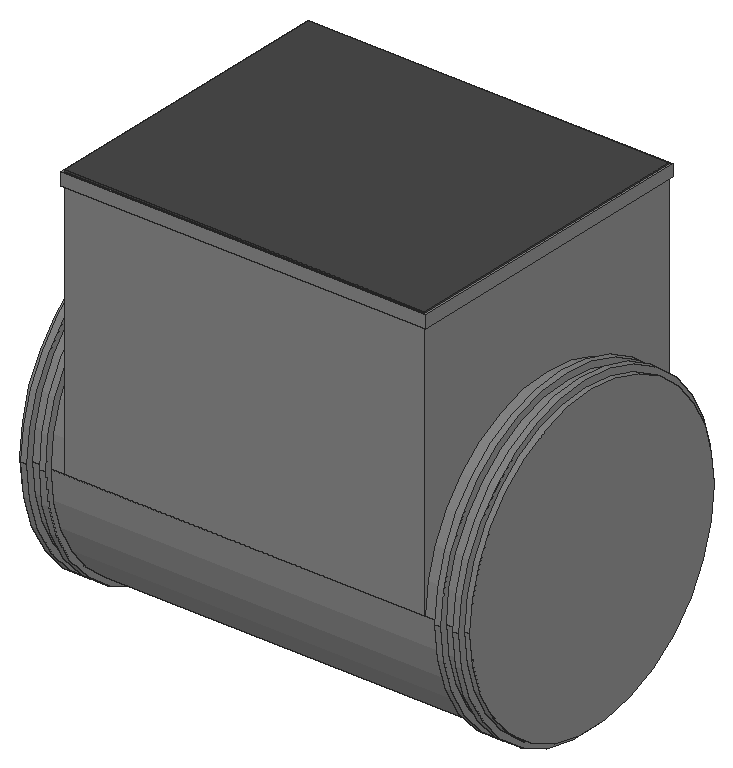
Revit family "НЕВАТОМ_Нaгреватель NEK, Версия 2 ", category Оборудование, Revit 2017
Family settings
  Размер круглого соединителя = Использовать диаметр
  Тип детали = Вставляется
  На основе рабочей плоскости = Нет
  Всегда вертикально = Да
  При загрузке вырезать с полостями = Нет
  Общий = Нет
  Точка расчета площади = Нет
Parameters (values of type "NEK")
  ТП = "nek"
  НЕВАТОМ_Минимальный расход воздуха [instance] = 264.9 m³/h
  Материал = Сталь серая
  Крышка = СВМПЭ, черный
  Ключевая пометка = "Вентиляция"
  b [instance] = 37 mm  # constant formula
  Nevatom_URL = "https://t.me/NEVATOM_Bim_bot"
  D [instance] = size_lookup(ТП, "D", 0 mm, НЕВАТОМ_Минимальный расход воздуха, ADSK_Номинальная мощность)  # 254 mm
  C [instance] = size_lookup(ТП, "C", 0 mm, НЕВАТОМ_Минимальный расход воздуха, ADSK_Номинальная мощность)  # 348 mm
  B [instance] = size_lookup(ТП, "B", 0 mm, НЕВАТОМ_Минимальный расход воздуха, ADSK_Номинальная мощность)  # 370 mm
  ADSK_Ток [instance] = size_lookup(ТП, "ADSK_Ток", 0 A, НЕВАТОМ_Минимальный расход воздуха, ADSK_Номинальная мощность)  # 9.6 A
  ADSK_Размер_Ширина [instance] = B  # 370 mm
  ADSK_Размер_Длина [instance] = D  # 254 mm
  ADSK_Размер_Высота [instance] = C  # 348 mm
  ADSK_Примечание = "Подбор через ADSK_Номинальная мощность и НЕВАТОМ_Минимальный расход воздуха"
  ADSK_Полная мощность [instance] = ADSK_Номинальная мощность / ADSK_Коэффициент мощности  # 2.112 kW
  ADSK_Позиция = ""
  ADSK_Номинальная мощность = 2 kW
  ADSK_Напряжение [instance] = size_lookup(ТП, "ADSK_Напряжение", 0 V, НЕВАТОМ_Минимальный расход воздуха, ADSK_Номинальная мощность)  # 220 V
  ADSK_Наименование [instance] = "Нагреватель электрический круглый"  # constant formula
  ADSK_Масса [instance] = size_lookup(ТП, "ADSK_Масса", 0, НЕВАТОМ_Минимальный расход воздуха, ADSK_Номинальная мощность)  # 5.2
  ADSK_Марка [instance] = size_lookup(ТП, "", "нет таких", НЕВАТОМ_Минимальный расход воздуха, ADSK_Номинальная мощность)  # "NEK-250/2"
  ADSK_Коэффициент мощности [instance] = ADSK_Номинальная мощность / (ADSK_Напряжение * ADSK_Количество фаз числовое * ADSK_Ток)  # 0.94697
  ADSK_Количество фаз числовое [instance] = size_lookup(ТП, "ADSK_Количество фаз числовое", 0, НЕВАТОМ_Минимальный расход воздуха, ADSK_Номинальная мощность)  # 1
  ADSK_Количество фаз [instance] = ADSK_Количество фаз числовое  # 1
  ADSK_Количество = 1  # constant formula
  ADSK_Код изделия = ""
  ADSK_Завод-изготовитель = "НЕВАТОМ"  # constant formula
  ADSK_Единица измерения = "шт."  # constant formula
  A [instance] = size_lookup(ТП, "A", 0 mm, НЕВАТОМ_Минимальный расход воздуха, ADSK_Номинальная мощность)  # 250 mm
Reference planes
  plane 1 "По центру (Вперед/Назад)": y = 0
  plane 2: z = 0
  plane 3 "По центру (Влево/Вправо)": x = 0
  plane 4: z = -125
  plane 5: z = 125
  plane 6: z = 223
  plane 7: x = -185
  plane 8: x = 185
  plane 9: x = -148
  plane 10: x = 148
  plane 11: y = 125
  plane 12: y = -125
  plane 13: z = 213
  plane 14: y = 127
  plane 15: y = -127
  plane 16: x = -150
  plane 17: x = 150
  plane 18: z = 224
  plane 19: z = 130
  plane 20: x = -180
  plane 21: x = -175
  plane 22: x = -165
  plane 23: x = -160
  plane 24: x = 180
  plane 25: x = 175
  plane 26: x = 165
  plane 27: x = 160
Forms (mm)
  Extrusion 1, void, not visible
    sketch origin (-345, -245, 50) x (0, -1, 0) y (0, 0, -1)
      loop
        line (-477.965, -475) -> (-477.965, -450) -> (-528.913, -450) -> (-528.913, -475) -> (-477.965, -475)
    from -47.452 to 12
  Extrusion 2, solid, material "Сталь серая" <- "Материал", detail levels medium+fine
    sketch origin (0, 0, 0) x (0, 1, 0) y (0, 0, 1)
      loop
        circle (0, 0) r 125
    from -185 to 185
  Extrusion 3, solid, material "Сталь серая" <- "Материал", detail levels medium+fine
    sketch origin (0, 0, 0) x (0, 1, 0) y (0, 0, 1)
      loop
        line (125, 213) -> (-125, 213) -> (-125, 0) -> (125, 0) -> (125, 213)
    from -148 to 148
  Extrusion 4, solid, material "Сталь серая" <- "Материал", detail levels medium+fine
    sketch origin (0, 0, 0) x (1, 0, 0) y (0, 1, 0)
      loop
        line (-150, 127) -> (-150, -127) -> (150, -127) -> (150, 127) -> (-150, 127)
    from 213 to 223
  Extrusion 5, solid, material "СВМПЭ, черный" <- "Крышка", detail levels medium+fine
    sketch origin (0, 0, 0) x (1, 0, 0) y (0, 1, 0)
      loop
        line (-148, 125) -> (-148, -125) -> (148, -125) -> (148, 125) -> (-148, 125)
    from 223 to 224
  Sweep 6, solid, material "Сталь серая" <- "Материал", detail levels medium+fine
    path origin (0, 0, 0) x (0, 1, 0) y (0, 0, 1)
      loop
        circle (0, 0) r 125
    profile origin (0, 0, 125) x (0, 0, -1) y (1, 0, 0)
      loop
        line (-5, -180) -> (0, -180) -> (0, -175) -> (-5, -175) -> (-5, -180)
      loop
        line (0, -160) -> (-5, -160) -> (-5, -165) -> (0, -165) -> (0, -160)
      loop
        line (-5, 160) -> (0, 160) -> (0, 165) -> (-5, 165) -> (-5, 160)
      loop
        line (0, 180) -> (-5, 180) -> (-5, 175) -> (0, 175) -> (0, 180)
Cuts and joins
  joined: Extrusion 2, Extrusion 3
Lines and regions (mm)
  model lines, not visible, detail levels coarse
    curve 1: circle (0, 0, 0) r 135 normal (0, 0, 1)
    curve 2: line (-135, 0, 0) -> (43.681, 127.738, 0)
    curve 3: line (-135, 0, 0) -> (43.681, -127.738, 0)
    curve 4: line (43.681, 127.738, 0) -> (43.681, -127.738, 0)
  model lines, not visible, detail levels medium
    curve 5: circle (0, 0, 0) r 90 normal (0, -1, 0)
    curve 6: line (-90, 0, 0) -> (39.046, 0, 81.089)
    curve 7: line (-90, 0, 0) -> (39.046, 0, -81.089)
    curve 8: line (39.046, 0, 81.089) -> (39.046, 0, -81.089)
Dimensions and locks
  equal spacing: plane 5, level, plane 4
  "A": plane 5 to plane 4
  "C": plane 6 to plane 4
  equal spacing: plane 8, plane 3 "По центру (Влево/Вправо)", plane 7
  "B": plane 8 to plane 7
  "b": plane 9 to plane 7
  "b": plane 10 to plane 8
  equal spacing: plane 11, plane 1 "По центру (Вперед/Назад)", plane 12
  "A": plane 11 to plane 12
  locked: plane 6 to plane 13 at 10
  equal spacing: plane 15, plane 1 "По центру (Вперед/Назад)", plane 14
  "D": plane 15 to plane 14
  locked: plane 10 to plane 17 at 2
  locked: plane 16 to plane 9 at 2
  locked: plane 18 to plane 6 at 1
  locked: plane 20 to plane 7 at 5
  locked: plane 21 to plane 20 at 5
  locked: plane 22 to plane 21 at 10
  locked: plane 22 to plane 23 at 5
  locked: plane 25 to plane 24 at 5
  locked: plane 26 to plane 25 at 10
  locked: plane 26 to plane 27 at 5
  locked: plane 24 to plane 8 at 5
  locked: plane 19 to plane 5 at 5
  "A": diameter of Extrusion 2 sketch curve
  "A": diameter of Sweep 6 sketch curve
  aligned and locked: level to plane 2
  aligned and locked: Extrusion 2 to plane 7
  aligned and locked: Extrusion 2 to plane 8
  aligned and locked: Extrusion 3 sketch curve to plane 11
  aligned and locked: Extrusion 3 sketch curve to Extrusion 2
  aligned and locked: Extrusion 3 sketch curve to plane 12
  aligned and locked: Extrusion 3 to plane 10
  aligned and locked: Extrusion 3 to plane 9
  aligned and locked: Extrusion 3 sketch curve to plane 13
  aligned and locked: Extrusion 4 sketch curve to plane 14
  aligned and locked: Extrusion 4 sketch curve to plane 16
  aligned and locked: Extrusion 4 sketch curve to plane 15
  aligned and locked: Extrusion 4 sketch curve to plane 17
  aligned and locked: plane 6 to Extrusion 4
  aligned and locked: Extrusion 4 to Extrusion 3
  aligned and locked: Extrusion 5 sketch curve to Extrusion 3  (x4)
  aligned and locked: plane 18 to Extrusion 5
  aligned and locked: Extrusion 5 to plane 6
  aligned and locked: Sweep 6 sketch curve to plane 19  (x4)
  aligned and locked: plane 20 to Sweep 6 sketch curve
  aligned and locked: Sweep 6 sketch curve to plane 5  (x4)
  aligned and locked: Sweep 6 sketch curve to plane 21
  aligned and locked: Sweep 6 sketch curve to plane 23
  aligned and locked: plane 22 to Sweep 6 sketch curve
  aligned and locked: plane 27 to Sweep 6 sketch curve
  aligned and locked: Sweep 6 sketch curve to plane 26
  aligned and locked: Sweep 6 sketch curve to plane 24
  aligned and locked: plane 25 to Sweep 6 sketch curve
Automatic sketch dimensions
  Extrusion 2 sketch curve to level = 0 mm
  Extrusion 2 sketch curve to plane 1 "По центру (Вперед/Назад)" = 0 mm
  Sweep 6 sketch curve to level = 0 mm
  Sweep 6 sketch curve to plane 1 "По центру (Вперед/Назад)" = 0 mm
Nested families
  nested 1: "крепление 15мм" at (-330, 229.965, 495), type "крепление 15мм", not visible
  nested 2: "НЕВАТОМ_УГО_Нагреватель NEK, Версия 2" at (0, 0, 0), B УГО <- "B", D УГО <- "D", type "НЕВАТОМ_УГО_Нагреватель NEK, Версия 2"
    with b УГО 92.5 mm, D УГО 254 mm, B УГО 370 mm
Connectors
  hvac at (185, 0, 0), driven by "A", driven by "НЕВАТОМ_Минимальный расход воздуха"
    settings: on cut or joined group of Extrusion 2, Extrusion 3, index 1, duct flow 264.9 m³/h, flow factor 0, pres drop 0.0 Pa, loss coef 0, conn angle 0.00°, conn width 304.8 mm, conn height 304.8 mm, conn diameter 250 mm, duct sys type 29, conn prof type 0, flow config 0, flow direction 0, loss method 0, conn ref index 2, conn util no, is conn primary yes, conn desc ""
  hvac at (-185, 0, 0), driven by "A", driven by "НЕВАТОМ_Минимальный расход воздуха"
    settings: on cut or joined group of Extrusion 2, Extrusion 3, index 2, duct flow 264.9 m³/h, flow factor 0, pres drop 0.0 Pa, loss coef 0, conn angle 0.00°, conn width 304.8 mm, conn height 304.8 mm, conn diameter 250 mm, duct sys type 29, conn prof type 0, flow config 0, flow direction 0, loss method 0, conn ref index 1, conn util no, is conn primary no, conn desc ""
  electrical at (0, 0, 213), driven by "ADSK_Напряжение", driven by "ADSK_Полная мощность", driven by "ADSK_Коэффициент мощности", driven by "ADSK_Количество фаз"
    settings: on cut or joined group of Extrusion 2, Extrusion 3, index 3, voltage 220 V, apparent load 2.112 kW, apparent load phase1 0 kW, apparent load phase2 0 kW, apparent load phase3 0 kW, power factor 0.94697, load classification "ОВК", number of poles 1, system type 30, power factor state 1, is connector primary yes, connector utility no, sub classification motor no, connector description ""
Definition of nested family "крепление 15мм"
  Parameters (values of type "крепление 15мм")
    Материал крепления = none
  Reference planes
    plane 1 "По центру (Вперед/Назад)": y = 0
    plane 2: z = 0
    plane 3 "По центру (Влево/Вправо)": x = 0
  Forms (mm)
    Extrusion 1, solid, material <- "Материал крепления"
      sketch origin (0, 0, 0) x (1, 0, 0) y (0, 1, 0)
        loop
          line (-25, 0) -> (0, 0) -> (0, 18.31) -> (0, 25) -> (-3, 25) -> (-3, 3) -> (-25, 3) -> (-25, 0)
      from 0 to 30
    Extrusion 2, void
      sketch origin (0, 0, 0) x (1, 0, 0) y (0, 1, 0)
        loop
          line (-3, 3) -> (-3, 54.96) -> (-58, 54.96) -> (-58, 3) -> (-3, 3)
      from 0 to 15
  Cuts and joins
    Extrusion 2 cuts Extrusion 1
  Dimensions and locks
    Extrusion 1 sketch curve to Extrusion 1 sketch curve = 3 mm  (x2)
    Extrusion 1 sketch curve to Extrusion 1 sketch curve to plane 3 "По центру (Влево/Вправо)" = 25 mm, 0 mm
    Extrusion 1 sketch curve to Extrusion 1 sketch curve = 25 mm
    aligned and locked: level to plane 2
Definition of nested family "НЕВАТОМ_УГО_Нагреватель NEK, Версия 2"
  Parameters (values of type "НЕВАТОМ_УГО_Нагреватель NEK, Версия 2")
    b УГО [instance] = B УГО / 4  # 125 mm
    D УГО [instance] = 400 mm
    B УГО [instance] = 500 mm
  Reference planes
    plane 1 "По центру (Вперед/Назад)": y = 0
    plane 2: z = 0
    plane 3 "По центру (Влево/Вправо)": x = 0
  Lines and regions (mm)
    model lines, not visible, detail levels coarse
      curve 1: line (58.333, 0, 0) -> (83.333, -12.5, 0)
      curve 2: line (83.333, -12.5, 0) -> (83.333, 12.5, 0)
      curve 3: line (83.333, 12.5, 0) -> (108.333, 0, 0)
      curve 4: line (108.333, 0, 0) -> (100, 0, 0)
      curve 5: line (108.333, 0, 0) -> (104.167, 6.25, 0)
      curve 6: line (-58.333, 0, 0) -> (-108.333, 0, 0)
      curve 7: line (-83.333, -25, 0) -> (-83.333, 25, 0)
    model lines
      curve 8: line (-250, 200, 0) -> (250, 200, 0)
      curve 9: line (-250, -200, 0) -> (-250, 200, 0)
      curve 10: line (250, -200, 0) -> (-250, -200, 0)
      curve 11: line (250, 200, 0) -> (250, -200, 0)
      curve 12: line (101.087, 9.365, 0) -> (125, -10, 0)
      curve 13: line (125, -10, 0) -> (125, 10, 0)
      curve 14: line (125, 10, 0) -> (148.314, -8.88, 0)
      curve 15: line (148.314, -8.88, 0) -> (138.917, -5.459, 0)
      curve 16: line (148.314, -8.88, 0) -> (143.015, -0.399, 0)
      curve 17: line (-125, 30, 0) -> (-125, -30, 0)
      curve 18: line (-155, 0, 0) -> (-95, 0, 0)
  Dimensions and locks
    "B УГО": curve 9 to curve 11
    equal spacing: curve 9, plane 3 "По центру (Влево/Вправо)", curve 11
    equal spacing: curve 10, plane 1 "По центру (Вперед/Назад)", curve 8
    "D УГО": curve 10 to curve 8
    "b УГО": curve 13 to curve 11
    "b УГО": curve 9 to curve 17
    aligned and locked: level to plane 2
  Automatic sketch dimensions
    plane 1 "По центру (Вперед/Назад)" to curve 18 = 0 mm
    plane 1 "По центру (Вперед/Назад)" to curve 16 = 8.88 mm
    curve 12 to curve 16 = 23.314 mm
    plane 1 "По центру (Вперед/Назад)" to curve 13 = 10 mm
    curve 13 to plane 1 "По центру (Вперед/Назад)" = 10 mm
    curve 18 to curve 17 = 30 mm
    curve 17 to curve 18 = 30 mm
    curve 12 to plane 1 "По центру (Вперед/Назад)" = 9.365 mm
    curve 12 to curve 13 = 23.913 mm
    plane 1 "По центру (Вперед/Назад)" to curve 15 = 5.459 mm
    curve 15 to curve 14 = 9.397 mm
    plane 1 "По центру (Вперед/Назад)" to curve 16 = 0.399 mm
    curve 15 to curve 16 = 4.098 mm
    plane 1 "По центру (Вперед/Назад)" to curve 17 = 30 mm
    curve 17 to plane 1 "По центру (Вперед/Назад)" = 30 mm
